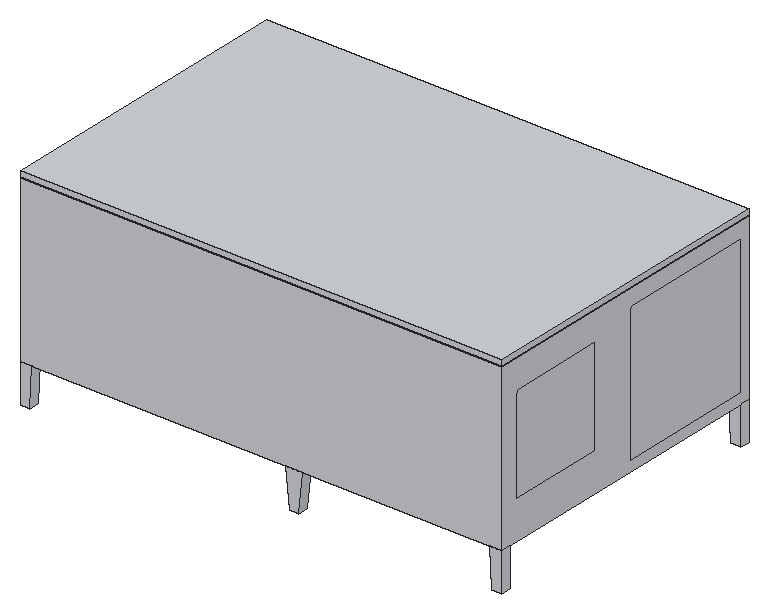
Revit family "AHU 7 _7", category Mechanické zařízení, Revit 2018
Family settings
  Kóta kulaté spojky = Použít průměr
  Typ dílu = Normální
  Číslo OmniClass = 23.75.00.00
  Nadpis OmniClass = Climate Control (HVAC)
  Založené na pracovní rovině = Ne
  Vždy vertikální = Ano
  Ořezat dutým tvarem při načtení = Ne
  Sdílené = Ne
  Bod výpočtu místnosti = Ne
Parameters (values of type "DUPLEXVENT 4500 Multi Eco")
  Width [instance] = 1.6 mm
  Weight [instance] = 420.00 kg
  URL = ""
  Type [instance] = "DUPLEXVENT 4500 Multi Eco"
  Total_SFP [instance] = 0
  Supply_outlet_hum [instance] = 90
  Supply_inlet_hum [instance] = 90
  Supply_ext_pressure [instance] = 0.0 Pa
  Supply_SFP [instance] = 0
  Source_adu_file [instance] = ""
  Recuperation_type [instance] = "Plate heat recovery exchanger"
  Recuperation_efficiency_EN308 [instance] = 91.9
  Project_name [instance] = ""
  Project_date [instance] = "10.8.2023"
  Power_supply_fusing [instance] = "0"
  Power_supply_cable [instance] = "0"
  Position [instance] = "AHU 7 "
  Phases_count [instance] = 3
  Panel_thickness [instance] = 0.06 mm
  Outer_surface [instance] = "RAL 9002"
  Length [instance] = 2.5 mm
  Insulation_type [instance] = "PUR"
  Insulation_thickness [instance] = 0.05 mm
  Installation_environment [instance] = ""
  Input_power_max [instance] = 5000 W
  Inner_surface [instance] = "Pozink"
  I2 [instance] = I1  # 0.0 L/s
  Height [instance] = 0.885 mm
  Exhaust_outlet_hum [instance] = 0
  Exhaust_inlet_hum [instance] = 40
  Exhaust_ext_pressure [instance] = 0.0 Pa
  Exhaust_SFP [instance] = 0
  E1 [instance] = E2 - M1  # 0.0 L/s
  E2 [instance] = 0.0 L/s
  I1 [instance] = 0.0 L/s
  Description = ""
  M1 [instance] = 0.0 L/s
  Device_dutypoint_version [instance] = "2"
  Device_design_version [instance] = "17"
  Device_adu_id [instance] = "7"
  Current_max [instance] = 7.6 A
  Casing_mat [instance] = "painted zinc layer"
  Cable type [instance] = "CYKY 5Jx2,5"
Reference planes
  plane 1 "Střed (vpředu/vzadu)": y = 0
  plane 2 "ref": z = 0
  plane 3 "Střed (vlevo/vpravo)": x = 0
Forms (mm)
  Sweep 1, solid
    path origin (0, 0, -855) x (0, 0, 1) y (1, 0, 0)
      loop
        line (0, 0) -> (855, 0)
    profile origin (0, 0, -855) x (1, 0, 0) y (0, 1, 0)
      loop
        line (0, 0) -> (2500, 0) -> (2500, 1600) -> (0, 1600) -> (0, 0)
  Sweep 2, solid
    path origin (0, 0, 0) x (0, 0, 1) y (1, 0, 0)
      loop
        line (0, 0) -> (30, 0)
    profile origin (0, 0, 0) x (1, 0, 0) y (0, 1, 0)
      loop
        line (0, 0) -> (2500, 0) -> (2500, 1600) -> (0, 1600) -> (0, 0)
  Sweep 3, solid
    path origin (1, 350, -405) x (0, 1, 0) y (-1, 0, 0)
      loop
        line (0, 0) -> (0, 1)
    profile origin (1, 350, -405) x (0, -1, 0) y (0, 0, 1)
      loop
        line (-250, 250) -> (-250, -250) -> (250, -250) -> (250, 250) -> (-250, 250)
  Sweep 4, solid
    path origin (2499, 1190, -445) x (1, 0, 0) y (0, 1, 0)
      loop
        line (0, 0) -> (1, 0)
    profile origin (2499, 1190, -445) x (0, 1, 0) y (0, 0, 1)
      loop
        line (355, 355) -> (-355, 355) -> (-355, -355) -> (355, -355) -> (355, 355)
  Sweep 5, solid
    path origin (2499, 350, -405) x (1, 0, 0) y (0, 1, 0)
      loop
        line (0, 0) -> (1, 0)
    profile origin (2499, 350, -405) x (0, 1, 0) y (0, 0, 1)
      loop
        line (250, 250) -> (-250, 250) -> (-250, -250) -> (250, -250) -> (250, 250)
  Sweep 6, solid
    path origin (1, 1190, -485) x (0, 1, 0) y (-1, 0, 0)
      loop
        line (0, 0) -> (0, 1)
    profile origin (1, 1190, -485) x (0, -1, 0) y (0, 0, 1)
      loop
        line (-355, 355) -> (-355, -355) -> (355, -355) -> (355, 355) -> (-355, 355)
  Sweep 7, solid
    path origin (504, 1508, -855) x (0, -1, 0) y (0, 0, 1)
      loop
        line (0, 0) -> (0, -150)
    profile origin (504, 1508, -855) x (-1, 0, 0) y (0, -1, 0)
      loop
        circle (0, 0) r 21
  Sweep 8, solid
    path origin (1308, 1508, -855) x (0, -1, 0) y (0, 0, 1)
      loop
        line (0, 0) -> (0, -150)
    profile origin (1308, 1508, -855) x (-1, 0, 0) y (0, -1, 0)
      loop
        circle (0, 0) r 21
  Sweep 9, solid
    path origin (0, 0, 5) x (0, 0, 1) y (1, 0, 0)
      loop
        line (0, 0) -> (25, 0)
    profile origin (0, 0, 5) x (1, 0, 0) y (0, 1, 0)
      loop
        line (0, 0) -> (2500, 0) -> (2500, 1600) -> (0, 1600) -> (0, 0)
  Sweep 10, solid
    path origin (25, 50, -855) x (1, 0, 0) y (0, 1, 0)
      loop
        line (0, 0) -> (0, -50)
    profile origin (25, 50, -855) x (1, 0, 0) y (0, 0, 1)
      loop
        line (-25, 0) -> (-25, -200) -> (25, -200) -> (35, 0) -> (-25, 0)
  Sweep 11, solid
    path origin (2475, 50, -855) x (1, 0, 0) y (0, 1, 0)
      loop
        line (0, 0) -> (0, -50)
    profile origin (2475, 50, -855) x (1, 0, 0) y (0, 0, 1)
      loop
        line (-35, 0) -> (-25, -200) -> (25, -200) -> (25, 0) -> (-35, 0)
  Sweep 12, solid
    path origin (25, 1600, -855) x (1, 0, 0) y (0, 1, 0)
      loop
        line (0, 0) -> (0, -50)
    profile origin (25, 1600, -855) x (1, 0, 0) y (0, 0, 1)
      loop
        line (-25, 0) -> (-25, -200) -> (25, -200) -> (35, 0) -> (-25, 0)
  Sweep 13, solid
    path origin (2475, 1600, -855) x (1, 0, 0) y (0, 1, 0)
      loop
        line (0, 0) -> (0, -50)
    profile origin (2475, 1600, -855) x (1, 0, 0) y (0, 0, 1)
      loop
        line (-35, 0) -> (-25, -200) -> (25, -200) -> (25, 0) -> (-35, 0)
  Sweep 14, solid
    path origin (1422, 50, -855) x (1, 0, 0) y (0, 1, 0)
      loop
        line (0, 0) -> (0, -50)
    profile origin (1422, 50, -855) x (1, 0, 0) y (0, 0, 1)
      loop
        line (-45, 0) -> (-25, -200) -> (25, -200) -> (45, 0) -> (-45, 0)
  Sweep 15, solid
    path origin (1162, 1600, -855) x (1, 0, 0) y (0, 1, 0)
      loop
        line (0, 0) -> (0, -50)
    profile origin (1162, 1600, -855) x (1, 0, 0) y (0, 0, 1)
      loop
        line (-45, 0) -> (-25, -200) -> (25, -200) -> (45, 0) -> (-45, 0)
  Sweep 16, solid
    path origin (1292, 830, -855) x (1, 0, 0) y (0, 1, 0)
      loop
        line (0, 0) -> (0, -50)
    profile origin (1292, 830, -855) x (1, 0, 0) y (0, 0, 1)
      loop
        line (-45, 0) -> (-25, -200) -> (25, -200) -> (45, 0) -> (-45, 0)
  Sweep 17, solid
    path origin (0, 0, -778) x (0, 0, 1) y (1, 0, 0)
      loop
        line (0, 0) -> (305, 0)
    profile origin (0, 0, -778) x (1, 0, 0) y (0, 1, 0)
      loop
        line (675, 1600) -> (1080, 1600) -> (1080, 1690) -> (675, 1690) -> (675, 1600)
  Sweep 18, solid
    path origin (675, 1645, -625) x (0, 0, -1) y (1, 0, 0)
      loop
        line (0, 0) -> (0, -1)
    profile origin (675, 1645, -625) x (0, 0, -1) y (0, -1, 0)
      loop
        circle (0, 0) r 10
Lines and regions (mm)
  model lines, style "Symbol"
    curve 1: line (1025, 0, 30) -> (1025, 320, 30)
    curve 2: line (1025, 1600, 30) -> (1025, 1280, 30)
    curve 3: line (0, 800, 30) -> (545, 800, 30)
    curve 4: line (2500, 800, 30) -> (1505, 800, 30)
    curve 5: line (545, 800, 30) -> (785, 1280, 30)
    curve 6: line (785, 1280, 30) -> (1265, 1280, 30)
    curve 7: line (1265, 1280, 30) -> (1505, 800, 30)
    curve 8: line (1505, 800, 30) -> (1265, 320, 30)
    curve 9: line (1265, 320, 30) -> (1025, 320, 30)
    curve 10: line (1025, 320, 30) -> (785, 320, 30)
    curve 11: line (785, 320, 30) -> (545, 800, 30)
    curve 12: line (2148, 1314, 30) -> (2404, 1270, 30)
    curve 13: line (2148, 1086, 30) -> (2404, 1130, 30)
    curve 14: line (352, 1086, 30) -> (96, 1130, 30)
    curve 15: line (352, 1314, 30) -> (96, 1270, 30)
    curve 16: line (50, 160, 30) -> (50, 640, 30)
    curve 17: line (50, 640, 30) -> (200, 640, 30)
    curve 18: line (200, 640, 30) -> (200, 160, 30)
    curve 19: line (200, 160, 30) -> (50, 160, 30)
    curve 20: line (125, 160, 30) -> (200, 400, 30)
    curve 21: line (125, 640, 30) -> (200, 400, 30)
    curve 22: line (2450, 640, 30) -> (2450, 160, 30)
    curve 23: line (2450, 160, 30) -> (2300, 160, 30)
    curve 24: line (2300, 160, 30) -> (2300, 640, 30)
    curve 25: line (2300, 640, 30) -> (2450, 640, 30)
    curve 26: line (2375, 640, 30) -> (2300, 400, 30)
    curve 27: line (2375, 160, 30) -> (2300, 400, 30)
    curve 28: line (698, 280, 30) -> (480, 708, 30)
    curve 29: line (480, 708, 30) -> (552, 744, 30)
    curve 30: line (552, 744, 30) -> (770, 316, 30)
    curve 31: line (770, 316, 30) -> (698, 280, 30)
    curve 32: line (567, 554, 30) -> (595, 641, 30)
    curve 33: line (655, 383, 30) -> (683, 470, 30)
    curve 34: line (476, 1508, -855) -> (532, 1508, -855)
    curve 35: line (504, 1480, -855) -> (504, 1536, -855)
    curve 36: line (1280, 1508, -855) -> (1336, 1508, -855)
    curve 37: line (1308, 1480, -855) -> (1308, 1536, -855)
    curve 38: line (0, 0, 1330) -> (0, 0, 30)
    curve 39: line (2500, 0, 1330) -> (2500, 0, 30)
    curve 40: line (0, 0, 1330) -> (2500, 0, 1330)
    curve 41: line (0, 1600, 1330) -> (0, 1600, 30)
    curve 42: line (2500, 1600, 1330) -> (2500, 1600, 30)
    curve 43: line (0, 1600, 1330) -> (2500, 1600, 1330)
    curve 44: line (0, 0, 1330) -> (0, 1600, 1330)
    curve 45: line (2500, 0, 1330) -> (2500, 1600, 1330)
    curve 46: line (0, 1400, 1330) -> (200, 1600, 1330)
    curve 47: line (0, 1200, 1330) -> (400, 1600, 1330)
    curve 48: line (0, 1000, 1330) -> (600, 1600, 1330)
    curve 49: line (0, 800, 1330) -> (800, 1600, 1330)
    curve 50: line (0, 600, 1330) -> (1000, 1600, 1330)
    curve 51: line (0, 400, 1330) -> (1200, 1600, 1330)
    curve 52: line (0, 200, 1330) -> (1400, 1600, 1330)
    curve 53: line (0, 0, 1330) -> (1600, 1600, 1330)
    curve 54: line (200, 0, 1330) -> (1800, 1600, 1330)
    curve 55: line (400, 0, 1330) -> (2000, 1600, 1330)
    curve 56: line (600, 0, 1330) -> (2200, 1600, 1330)
    curve 57: line (800, 0, 1330) -> (2400, 1600, 1330)
    curve 58: line (1000, 0, 1330) -> (2500, 1500, 1330)
    curve 59: line (1200, 0, 1330) -> (2500, 1300, 1330)
    curve 60: line (1400, 0, 1330) -> (2500, 1100, 1330)
    curve 61: line (1600, 0, 1330) -> (2500, 900, 1330)
    curve 62: line (1800, 0, 1330) -> (2500, 700, 1330)
    curve 63: line (2000, 0, 1330) -> (2500, 500, 1330)
    curve 64: line (2200, 0, 1330) -> (2500, 300, 1330)
    curve 65: line (2400, 0, 1330) -> (2500, 100, 1330)
    curve 66: line (2500, 1400, 1330) -> (2500, 1600, 1130)
    curve 67: line (2500, 1200, 1330) -> (2500, 1600, 930)
    curve 68: line (2500, 1000, 1330) -> (2500, 1600, 730)
    curve 69: line (2500, 800, 1330) -> (2500, 1600, 530)
    curve 70: line (2500, 600, 1330) -> (2500, 1600, 330)
    curve 71: line (2500, 400, 1330) -> (2500, 1600, 130)
    curve 72: line (2500, 200, 1330) -> (2500, 1500, 30)
    curve 73: line (2500, 0, 1330) -> (2500, 1300, 30)
    curve 74: line (2500, 0, 1130) -> (2500, 1100, 30)
    curve 75: line (2500, 0, 930) -> (2500, 900, 30)
    curve 76: line (2500, 0, 730) -> (2500, 700, 30)
    curve 77: line (2500, 0, 530) -> (2500, 500, 30)
    curve 78: line (2500, 0, 330) -> (2500, 300, 30)
    curve 79: line (2500, 0, 130) -> (2500, 100, 30)
    curve 80: line (0, 1600, 1130) -> (200, 1600, 1330)
    curve 81: line (0, 1600, 930) -> (400, 1600, 1330)
    curve 82: line (0, 1600, 730) -> (600, 1600, 1330)
    curve 83: line (0, 1600, 530) -> (800, 1600, 1330)
    curve 84: line (0, 1600, 330) -> (1000, 1600, 1330)
    curve 85: line (0, 1600, 130) -> (1200, 1600, 1330)
    curve 86: line (100, 1600, 30) -> (1400, 1600, 1330)
    curve 87: line (300, 1600, 30) -> (1600, 1600, 1330)
    curve 88: line (500, 1600, 30) -> (1800, 1600, 1330)
    curve 89: line (700, 1600, 30) -> (2000, 1600, 1330)
    curve 90: line (900, 1600, 30) -> (2200, 1600, 1330)
    curve 91: line (1100, 1600, 30) -> (2400, 1600, 1330)
    curve 92: line (1300, 1600, 30) -> (2500, 1600, 1230)
    curve 93: line (1500, 1600, 30) -> (2500, 1600, 1030)
    curve 94: line (1700, 1600, 30) -> (2500, 1600, 830)
    curve 95: line (1900, 1600, 30) -> (2500, 1600, 630)
    curve 96: line (2100, 1600, 30) -> (2500, 1600, 430)
    curve 97: line (2300, 1600, 30) -> (2500, 1600, 230)
    curve 98: line (0, 2320, 0) -> (0, 1600, 0)
    curve 99: line (2500, 2320, 0) -> (2500, 1600, 0)
    curve 100: line (0, 2320, 0) -> (2500, 2320, 0)
    curve 101: line (0, 2320, -855) -> (0, 1600, -855)
    curve 102: line (2500, 2320, -855) -> (2500, 1600, -855)
    curve 103: line (0, 2320, -855) -> (2500, 2320, -855)
    curve 104: line (0, 2320, 0) -> (0, 2320, -855)
    curve 105: line (2500, 2320, 0) -> (2500, 2320, -855)
    curve 106: line (0, 2320, -655) -> (200, 2320, -855)
    curve 107: line (0, 2320, -455) -> (400, 2320, -855)
    curve 108: line (0, 2320, -255) -> (600, 2320, -855)
    curve 109: line (0, 2320, -55) -> (800, 2320, -855)
    curve 110: line (145, 2320, 0) -> (1000, 2320, -855)
    curve 111: line (345, 2320, 0) -> (1200, 2320, -855)
    curve 112: line (545, 2320, 0) -> (1400, 2320, -855)
    curve 113: line (745, 2320, 0) -> (1600, 2320, -855)
    curve 114: line (945, 2320, 0) -> (1800, 2320, -855)
    curve 115: line (1145, 2320, 0) -> (2000, 2320, -855)
    curve 116: line (1345, 2320, 0) -> (2200, 2320, -855)
    curve 117: line (1545, 2320, 0) -> (2400, 2320, -855)
    curve 118: line (1745, 2320, 0) -> (2500, 2320, -755)
    curve 119: line (1945, 2320, 0) -> (2500, 2320, -555)
    curve 120: line (2145, 2320, 0) -> (2500, 2320, -355)
    curve 121: line (2345, 2320, 0) -> (2500, 2320, -155)
    curve 122: line (2500, 2320, -655) -> (2500, 2120, -855)
    curve 123: line (2500, 2320, -455) -> (2500, 1920, -855)
    curve 124: line (2500, 2320, -255) -> (2500, 1720, -855)
    curve 125: line (2500, 2320, -55) -> (2500, 1600, -775)
    curve 126: line (2500, 2175, 0) -> (2500, 1600, -575)
    curve 127: line (2500, 1975, 0) -> (2500, 1600, -375)
    curve 128: line (2500, 1775, 0) -> (2500, 1600, -175)
    curve 129: line (0, 2120, -855) -> (200, 2320, -855)
    curve 130: line (0, 1920, -855) -> (400, 2320, -855)
    curve 131: line (0, 1720, -855) -> (600, 2320, -855)
    curve 132: line (80, 1600, -855) -> (800, 2320, -855)
    curve 133: line (280, 1600, -855) -> (1000, 2320, -855)
    curve 134: line (480, 1600, -855) -> (1200, 2320, -855)
    curve 135: line (680, 1600, -855) -> (1400, 2320, -855)
    curve 136: line (880, 1600, -855) -> (1600, 2320, -855)
    curve 137: line (1080, 1600, -855) -> (1800, 2320, -855)
    curve 138: line (1280, 1600, -855) -> (2000, 2320, -855)
    curve 139: line (1480, 1600, -855) -> (2200, 2320, -855)
    curve 140: line (1680, 1600, -855) -> (2400, 2320, -855)
    curve 141: line (1880, 1600, -855) -> (2500, 2220, -855)
    curve 142: line (2080, 1600, -855) -> (2500, 2020, -855)
    curve 143: line (2280, 1600, -855) -> (2500, 1820, -855)
    curve 144: line (2480, 1600, -855) -> (2500, 1620, -855)
    curve 145: line (2500, 0, -1055) -> (2500, 0, -855)
    curve 146: line (0, 0, -1055) -> (0, 0, -855)
    curve 147: line (2500, 0, -1055) -> (0, 0, -1055)
    curve 148: line (2500, 1600, -1055) -> (2500, 1600, -855)
    curve 149: line (0, 1600, -1055) -> (0, 1600, -855)
    curve 150: line (2500, 1600, -1055) -> (0, 1600, -1055)
    curve 151: line (2500, 0, -1055) -> (2500, 1600, -1055)
    curve 152: line (0, 0, -1055) -> (0, 1600, -1055)
    curve 153: line (2500, 1400, -1055) -> (2300, 1600, -1055)
    curve 154: line (2500, 1200, -1055) -> (2100, 1600, -1055)
    curve 155: line (2500, 1000, -1055) -> (1900, 1600, -1055)
    curve 156: line (2500, 800, -1055) -> (1700, 1600, -1055)
    curve 157: line (2500, 600, -1055) -> (1500, 1600, -1055)
    curve 158: line (2500, 400, -1055) -> (1300, 1600, -1055)
    curve 159: line (2500, 200, -1055) -> (1100, 1600, -1055)
    curve 160: line (2500, 0, -1055) -> (900, 1600, -1055)
    curve 161: line (2300, 0, -1055) -> (700, 1600, -1055)
    curve 162: line (2100, 0, -1055) -> (500, 1600, -1055)
    curve 163: line (1900, 0, -1055) -> (300, 1600, -1055)
    curve 164: line (1700, 0, -1055) -> (100, 1600, -1055)
    curve 165: line (1500, 0, -1055) -> (0, 1500, -1055)
    curve 166: line (1300, 0, -1055) -> (0, 1300, -1055)
    curve 167: line (1100, 0, -1055) -> (0, 1100, -1055)
    curve 168: line (900, 0, -1055) -> (0, 900, -1055)
    curve 169: line (700, 0, -1055) -> (0, 700, -1055)
    curve 170: line (500, 0, -1055) -> (0, 500, -1055)
    curve 171: line (300, 0, -1055) -> (0, 300, -1055)
    curve 172: line (100, 0, -1055) -> (0, 100, -1055)
    curve 173: line (0, 1400, -1055) -> (0, 1600, -855)
    curve 174: line (0, 1200, -1055) -> (0, 1400, -855)
    curve 175: line (0, 1000, -1055) -> (0, 1200, -855)
    curve 176: line (0, 800, -1055) -> (0, 1000, -855)
    curve 177: line (0, 600, -1055) -> (0, 800, -855)
    curve 178: line (0, 400, -1055) -> (0, 600, -855)
    curve 179: line (0, 200, -1055) -> (0, 400, -855)
    curve 180: line (0, 0, -1055) -> (0, 200, -855)
    curve 181: line (2500, 1600, -855) -> (2300, 1600, -1055)
    curve 182: line (2300, 1600, -855) -> (2100, 1600, -1055)
    curve 183: line (2100, 1600, -855) -> (1900, 1600, -1055)
    curve 184: line (1900, 1600, -855) -> (1700, 1600, -1055)
    curve 185: line (1700, 1600, -855) -> (1500, 1600, -1055)
    curve 186: line (1500, 1600, -855) -> (1300, 1600, -1055)
    curve 187: line (1300, 1600, -855) -> (1100, 1600, -1055)
    curve 188: line (1100, 1600, -855) -> (900, 1600, -1055)
    curve 189: line (900, 1600, -855) -> (700, 1600, -1055)
    curve 190: line (700, 1600, -855) -> (500, 1600, -1055)
    curve 191: line (500, 1600, -855) -> (300, 1600, -1055)
    curve 192: line (300, 1600, -855) -> (100, 1600, -1055)
    curve 193: line (100, 1600, -855) -> (0, 1600, -955)
    curve 194: line (0, 0, 30) -> (0, 1600, 30)
    curve 195: line (0, 1600, 30) -> (1120, 1600, 30)
    curve 196: line (1120, 1600, 30) -> (1120, 0, 30)
    curve 197: line (1120, 0, 30) -> (0, 0, 30)
    curve 198: line (1380, 0, 30) -> (1380, 1600, 30)
    curve 199: line (1380, 1600, 30) -> (2500, 1600, 30)
    curve 200: line (2500, 1600, 30) -> (2500, 0, 30)
    curve 201: line (2500, 0, 30) -> (1380, 0, 30)
    curve 202: line (0, 0, 30) -> (2500, 0, 30)
    curve 203: line (0, 1600, 30) -> (2500, 1600, 30)
    curve 204: line (0, 0, 30) -> (0, 1600, 30)
    curve 205: line (2500, 0, 30) -> (2500, 1600, 30)
    curve 206: line (0, 0, 30) -> (0, 0, 5)
    curve 207: line (2500, 0, 30) -> (2500, 0, 5)
    curve 208: line (0, 1600, 30) -> (0, 1600, 5)
    curve 209: line (2500, 1600, 30) -> (2500, 1600, 5)
    curve 210: circle (2260, 1200, 30) r 160 normal (0, 0, 1)
    curve 211: circle (240, 1200, 30) r 160 normal (0, 0, 1)
    curve 212: circle (581, 598, 30) r 12 normal (0, 0, 1)
    curve 213: circle (669, 426, 30) r 12 normal (0, 0, 1)
    curve 214: circle (504, 1508, -855) r 21 normal (0, 0, 1)
    curve 215: circle (1308, 1508, -855) r 21 normal (0, 0, 1)
Dimensions and locks
  aligned and locked: level to plane 2 "ref"
Connectors
  hvac at (0, 350, -405), driven by "E1"
    settings: on Sweep 3, index 1, duct flow 0.0 L/s, flow factor 0, pres drop 0.0 Pa, loss coef 0, conn angle 0.00°, conn width 500 mm, conn height 500 mm, conn diameter 609.6 mm, duct sys type 1, conn prof type 1, flow config 1, flow direction 1, loss method 0, conn ref index -1, conn util no, is conn primary yes, conn desc ""
  hvac at (2500, 1190, -445), driven by "E2"
    settings: on Sweep 4, index 2, duct flow 0.0 L/s, flow factor 1, pres drop 0.0 Pa, loss coef 0, conn angle 0.00°, conn width 710 mm, conn height 710 mm, conn diameter 609.6 mm, duct sys type 1, conn prof type 1, flow config 2, flow direction 2, loss method 0, conn ref index -1, conn util no, is conn primary no, conn desc ""
  hvac at (2500, 350, -405), driven by "I1"
    settings: on Sweep 5, index 3, duct flow 0.0 L/s, flow factor 1, pres drop 0.0 Pa, loss coef 0, conn angle 0.00°, conn width 500 mm, conn height 500 mm, conn diameter 609.6 mm, duct sys type 3, conn prof type 1, flow config 2, flow direction 1, loss method 0, conn ref index -1, conn util no, is conn primary no, conn desc ""
  hvac at (0, 1190, -485), driven by "I2"
    settings: on Sweep 6, index 4, duct flow 0.0 L/s, flow factor 0, pres drop 0.0 Pa, loss coef 0, conn angle 0.00°, conn width 710 mm, conn height 710 mm, conn diameter 609.6 mm, duct sys type 3, conn prof type 1, flow config 1, flow direction 2, loss method 0, conn ref index -1, conn util no, is conn primary no, conn desc ""
  piping at (504, 1508, -1005), diameter 40
    settings: on Sweep 7, index 5, connector inside diameter 609.6 mm, connector length 0 mm, flow factor 0, pipe flow 0.0 L/s, pressure drop 0.0 Pa, fitting loss kfactor 0, connector angle 0.00°, fixture units 0, engagement length 0 mm, angle of deflection 0.00°, flow configuration 1, flow direction 2, fitting loss method 0, system type 16, joint type 0, gender type 0, connector reference index -1, connector utility 0, adjustable connector no, is connector primary yes, connector description ""
  piping at (1308, 1508, -1005), diameter 40
    settings: on Sweep 8, index 6, connector inside diameter 609.6 mm, connector length 0 mm, flow factor 0, pipe flow 0.0 L/s, pressure drop 0.0 Pa, fitting loss kfactor 0, connector angle 0.00°, fixture units 0, engagement length 0 mm, angle of deflection 0.00°, flow configuration 1, flow direction 2, fitting loss method 0, system type 16, joint type 0, gender type 0, connector reference index -1, connector utility 0, adjustable connector no, is connector primary no, connector description ""
  electrical at (674, 1645, -625)
    settings: on Sweep 18, index 7, voltage 400 V, apparent load 0 VA, apparent load phase1 0 VA, apparent load phase2 0 VA, apparent load phase3 0 VA, power factor 1, load classification "Další", number of poles 3, system type 31, power factor state 1, is connector primary yes, connector utility no, sub classification motor no, connector description ""
